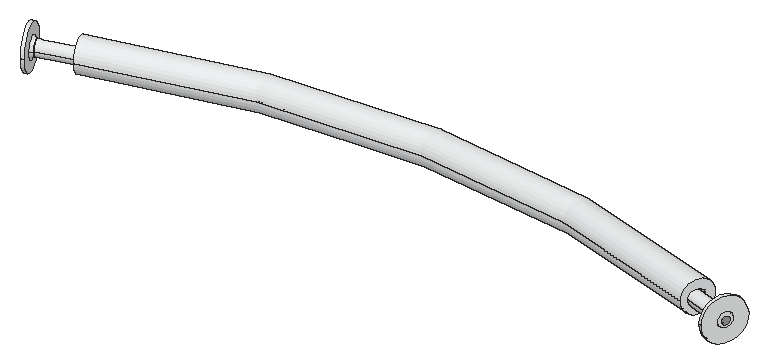
Revit family
Parameters (values of type "B42-92-10")
  URL = "http://viewer.zmags.com/publication/f01ae52f"
  Tube Radius = 21 mm
  Tube = RAL 9016
  Thermal Performance = Thermal Performance Constant * Length / 1000 mm  # 180.5648
  Socket Radius = Tube Radius  # 21 mm
  Socket = RAL 9016
  R = ((K ^ 2) / (8 * H) + (H / 2))  # 2600 mm
  Plated Thick = 20 mm
  Plated Radius = 40 mm
  Model = "B42-92-10"
  Manufacturer = "Meinertz"  # constant formula
  Length = 2 * 3.14 * R * Alpha / Full Circle  # 2051.873 mm
  Keynote = "B42-92-10"
  K = 2000 mm
  H = 200 mm
  GoGetNo = 6979  # constant formula
  Fins = yes
  Fin Radius = 46 mm
  Fin Diameter = Fin Radius * 2  # 92 mm
  Fin = RAL 9016 F
  Full Circle = 360.00°  # constant formula
  Thermal Performance Constant = if(Fin Diameter = 73 mm, 88, if(Fin Diameter = 83 mm, 104, if(Fin Diameter = 92 mm, 88, if(Fin Diameter = 98 mm, 82, if(Fin Diameter = 123 mm, 110, if(Fin Diameter = 139 mm, 133, 180))))))  # 88
  Alpha = 2 * acos((R - H) / R)  # 45.2397°
Types (3, lengths in mm): name | Tube Radius | Thermal Performance | Socket Radius | R | Plated Radius | Model | Length | Keynote | H | Fin Radius | Fin Diameter | Thermal Performance Constant | Alpha
  (no name) | 21 | 180.5648 | 21 | 2600 | 40 | "B42-92-10" | 2051.873 | "B42-92-10" | 200 | 46 | 92 | 88 | 45.2397°
  B32-83-10 | 16.5 | 220.152 | 16.5 | 1816.667 | 30 | "B32-83-10" | 2116.846 | "B32-83-10" | 300 | 41.5 | 83 | 104 | 66.797°
  B42-92-10 | 21 | 180.5648 | 21 | 2600 | 40 | "B42-92-10" | 2051.873 | "B42-92-10" | 200 | 46 | 92 | 88 | 45.2397°
Reference planes
  plane 1 "Center (Front/Back)": y = 0
  plane 2: z = 0
  plane 3 "Center (Left/Right)": x = 0
  plane 4: y = 877.583
  plane 5: y = -1522.417
  plane 6: y = 1077.583
  plane 7: y = 915.687
Forms (mm)
  Sweep 1, solid, material "RAL 9016" <- "Tube"
    path origin (0, 0, 0) x (1, 0, 0) y (0, 1, 0)
      loop
        arc (1000, 877.583) -> (0, 1077.583) -> (-1000, 877.583) r 2600
    profile origin (0, 1077.583, 0) x (0, -1, 0) y (0, 0, 1)
      loop
        circle (0, 0) r 21
  Sweep 2, solid, material "RAL 9016 F" <- "Fin", visible <- "Fins"
    path origin (0, 0, 0) x (1, 0, 0) y (0, 1, 0)
      loop
        arc (903.131, 915.687) -> (0, 1077.583) -> (-903.131, 915.687) r 2600
    profile origin (0, 1077.583, 0) x (0, -1, 0) y (0, 0, 1)
      loop
        circle (0, 0) r 21
      loop
        circle (0, 0) r 46
  Sweep 3, solid, material "RAL 9016" <- "Socket"
    path origin (0, 0, 0) x (1, 0, 0) y (0, 1, 0)
      loop
        arc (-1000, 877.583) -> (-1009.223, 873.719) -> (-1018.432, 869.819) r 2600
    profile origin (-1009.223, 873.719, 0) x (0.388163, -0.921591, 0) y (0, 0, 1)
      loop
        circle (0, 0) r 21
  Sweep 4, solid, material "RAL 9016" <- "Socket"
    path origin (0, 0, 0) x (1, 0, 0) y (0, 1, 0)
      loop
        arc (1018.432, 869.819) -> (1009.223, 873.719) -> (1000, 877.583) r 2600
    profile origin (1009.223, 873.719, 0) x (-0.388163, -0.921591, 0) y (0, 0, 1)
      loop
        circle (0, 0) r 21
  Sweep 5, solid, material "RAL 9016" <- "Socket"
    path origin (1000, 877.583, 0) x (0.384615, 0.923077, 0) y (0, 0, 1)
      loop
        circle (0, 0) r 21
    profile origin (1000, 877.583, 21) x (0, 0, -1) y (0.923077, -0.384615, 0)
      loop
        line (0, 0) -> (0, 20) -> (-40, 20) -> (-40, 10) -> (-10, 10)
        arc (-10, 10) -> (-2.929, 7.071) -> (0, 0) r 10
  Sweep 6, solid, material "RAL 9016" <- "Socket"
    path origin (-1000, 877.583, 0) x (-0.384615, 0.923077, 0) y (0, 0, 1)
      loop
        circle (0, 0) r 21
    profile origin (-1000, 877.583, 21) x (0, 0, -1) y (0.923077, 0.384615, 0)
      loop
        arc (0, 0) -> (-2.929, -7.071) -> (-10, -10) r 10
        line (-10, -10) -> (-40, -10) -> (-40, -20) -> (0, -20) -> (0, 0)
  Extrusion 7, solid, material "Tap"
    sketch origin (1018.462, 869.89, 0) x (0.384615, 0.923077, 0) y (0, 0, 1)
      loop
        circle (0, 0) r 10
    from 0 to 5
  Extrusion 8, solid, material "Tap"
    sketch origin (-1018.462, 869.89, 0) x (0, 0, 1) y (-0.384615, 0.923077, 0)
      loop
        circle (0, 0) r 10
    from 0 to 5
Lines and regions (mm)
  symbolic lines
    curve 1: arc (1000, 877.583, 0) -> (0, 1077.583, 0) -> (-1000, 877.583, 0) r 2600
Dimensions and locks
  "H": plane 6 to plane 4
  "R": plane 6 to plane 5
  "Plated Thick": Sweep 5 sketch curve to Sweep 5 sketch curve
  Sweep 5 sketch curve to Sweep 5 sketch curve = 10 mm
  "Plated Radius": Sweep 5 sketch curve to Sweep 5 sketch curve
  "Plated Thick": Sweep 4 sketch curve to Sweep 4 sketch curve
  "Plated Thick": Sweep 3 sketch curve to Sweep 3 sketch curve
  "Plated Thick": Sweep 6 sketch curve to Sweep 6 sketch curve
  "Plated Radius": Sweep 6 sketch curve to Sweep 6 sketch curve
  Sweep 6 sketch curve to Sweep 6 sketch curve = 10 mm
  "Tube Radius": radius of Sweep 1 sketch curve
  "Tube Radius": radius of Sweep 2 sketch curve
  "Fin Radius": radius of Sweep 2 sketch curve
  "R": radius of curve 1
  "Socket Radius": radius of Sweep 3 sketch curve
  "Socket Radius": radius of Sweep 4 sketch curve
  aligned and locked: Sweep 2 sketch curve to curve 1
  aligned and locked: Sweep 1 sketch curve to curve 1
  aligned and locked: Sweep 3 sketch curve to curve 1
  aligned and locked: Sweep 4 sketch curve to curve 1
  aligned and locked: Sweep 5 sketch curve to Sweep 1  (x2)
Automatic sketch dimensions
  Sweep 1 sketch curve to level = 0 mm
  Sweep 1 sketch curve to profile plane = 0 mm
  Sweep 2 sketch curve to Sweep 2 sketch curve = 0 mm  (x2)
  Sweep 2 sketch curve to level = 0 mm
  Sweep 2 sketch curve to profile plane = 0 mm
  plane 4 to Sweep 2 sketch curve = 38.105 mm  (x2)
  Sweep 1 sketch curve to plane 4 = 0 mm  (x2)
  curve 1 to plane 3 "Center (Left/Right)" = 0 mm
  curve 1 to plane 4 = 0 mm  (x2)
  curve 1 to plane 5 = 0 mm
  Sweep 3 sketch curve to plane 4 = 0 mm
  Sweep 3 sketch curve to level = 0 mm
  Sweep 3 sketch curve to profile plane = 0 mm
  Sweep 4 sketch curve to plane 4 = 0 mm
  Sweep 4 sketch curve to level = 0 mm
  Sweep 4 sketch curve to profile plane = 0 mm
  Sweep 5 sketch curve to profile plane = 0 mm  (x3)
  Sweep 5 sketch curve to Sweep 5 sketch curve = 0 mm
  Sweep 6 sketch curve to profile plane = 0 mm  (x4)
  radius of Sweep 6 sketch curve to Sweep 3 = 0 mm
  radius of Extrusion 7 sketch curve = 10 mm
  radius of Extrusion 8 sketch curve = 10 mm
Connectors
  piping at (-1023.077, 867.967, 0)
    settings: on Extrusion 8, index 1, connector radius 10 mm, flow factor 0, pipe flow 0.0 L/s, pressure drop 0.0 Pa, fitting loss kfactor 0, connector angle 0.00°, fixture units 0, flow configuration 1, flow direction 1, fitting loss method 0, system type 22, connector reference index -1, connector utility 0, adjustable connector no, is connector primary yes, fitting loss table "", connector description ""
  piping at (1023.077, 867.967, 0)
    settings: on Extrusion 7, index 2, connector radius 10 mm, flow factor 0, pipe flow 0.0 L/s, pressure drop 0.0 Pa, fitting loss kfactor 0, connector angle 0.00°, fixture units 0, flow configuration 1, flow direction 2, fitting loss method 0, system type 22, connector reference index -1, connector utility 0, adjustable connector no, is connector primary no, fitting loss table "", connector description ""
